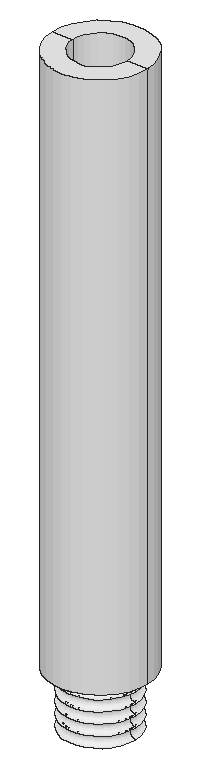
Revit family "Showerhead_Arm_Extension-American_Standard-9035888_Series", category Plumbing Fixtures, Revit 2019
Family settings
  Round Connector Dimension = Use Diameter
  Part Type = Normal
  OmniClass Number = 23.45.05.14.17
  OmniClass Title = Showers
  Work Plane-Based = Yes
  Always vertical = No
  Cut with Voids When Loaded = No
  Shared = Yes
  Room Calculation Point = No
Parameters (values of type "9035888.002")
  Waste Connection = no
  WFU = 4  # constant formula
  Vent Connection = no
  URL = "https://www.americanstandard-us.com/"
  Tempered Water Connection Outlet Radius = Tempered Water Connection Outlet Diameter / 2  # 1/4"
  Tempered Water Connection Outlet Diameter = 1/2"
  Tempered Water Connection Inlet Radius = Tempered Water Connection Inlet Diameter / 2  # 1/4"
  Tempered Water Connection Inlet Diameter = 1/2"
  Tempered Water Connection = yes
  Product Page URL = "https://www.americanstandard-us.com/Hand-Showers-and-Accessories/Spectra-Versa-5-Inch-Showerhead-Arm-Extension/CHROME-9035888002"
  Product Documentation Link = "https://americanstandard.box.com/shared/static/ysgolvh14wirc8yarxq5e5vok502rznc.pdf"
  Price = "Prices may vary. Please consult Manufacturer Representative for most up-to-date price list."  # constant formula
  Model = "9035888.002"
  Material = "Metal-American Standard-002-Polished Chrome"
  Manufacturer = "American Standard"  # constant formula
  Height = 5 1/16"
  HWFU = 3  # constant formula
  HW Connection = no
  Finish = Metal-American Standard-002-Polished Chrome
  Diameter = 7/8"  # constant formula
  Description = "Spectra Versa® 5-Inch Showerhead Arm Extension"
  Default Elevation = 0"
  Creation Date = "03/01/2022"  # constant formula
  CWFU = 3  # constant formula
  CW Connection = no
  Assembly Code = "D2010710"
Types (4): name | Product Page URL | Model | Material | Finish
  (no name) | "https://www.americanstandard-us.com/Hand-Showers-and-Accessories/Spectra-Versa-5-Inch-Showerhead-Arm-Extension/CHROME-9035888002" | "9035888.002" | "Metal-American Standard-002-Polished Chrome" | Metal-American Standard-002-Polished Chrome
  9035888.002 | "https://www.americanstandard-us.com/Hand-Showers-and-Accessories/Spectra-Versa-5-Inch-Showerhead-Arm-Extension/CHROME-9035888002" | "9035888.002" | "Metal-American Standard-002-Polished Chrome" | Metal-American Standard-002-Polished Chrome
  9035888.278 | "https://www.americanstandard-us.com/Hand-Showers-and-Accessories/Spectra-Versa-5-Inch-Showerhead-Arm-Extension/LEGACY-BRONZE-9035888278" | "9035888.278" | "Metal-American Standard-278-Legacy Bronze" | Metal-American Standard-278-Legacy Bronze
  9035888.295 | "https://www.americanstandard-us.com/Hand-Showers-and-Accessories/Spectra-Versa-5-Inch-Showerhead-Arm-Extension/BRUSHED-NICKEL-9035888295" | "9035888.295" | "Metal-American Standard-295-Brushed Nickel" | Metal-American Standard-295-Brushed Nickel
Reference planes (in)
  plane 1 "Center (Front/Back)": y = 0
  plane 2: z = 0
  plane 3 "Center (Left/Right)": x = 0
  plane 4: x = 0.25
  plane 5: x = -0.25
  plane 6: x = 0.4375
  plane 7: x = -0.4375
  plane 8: z = -5.5625
  plane 9: z = -5.0625
Forms (in)
  Revolve 1, solid, material "Metal-American Standard-002-Polished Chrome" <- "Finish"
    sketch origin (0, 0, 0) x (1, 0, 0) y (0, 0, 1)
      loop
        line (0.25, 0) -> (0.25, -5.5625) -> (0.32571, -5.5625)
        arc (0.32571, -5.5625) -> (0.27571, -5.5125) -> (0.32571, -5.4625) r 0.05
        arc (0.32571, -5.4625) -> (0.27571, -5.4125) -> (0.32571, -5.3625) r 0.05
        arc (0.32571, -5.3625) -> (0.27571, -5.3125) -> (0.32571, -5.2625) r 0.05
        arc (0.32571, -5.2625) -> (0.27571, -5.2125) -> (0.32571, -5.1625) r 0.05
        arc (0.32571, -5.1625) -> (0.27571, -5.1125) -> (0.32571, -5.0625) r 0.05
        line (0.32571, -5.0625) -> (0.4375, -5.0625) -> (0.4375, 0) -> (0.25, 0)
      axis (0, 0) -> (0, -5.5625)
    angle from 0 to 360
Lines and regions (in)
  Masking region 1
    outline origin (0, 0, 0) x (1, 0, 0) y (0, 1, 0)
      loop
        circle (0, 0) r 0.4375
  symbolic lines, detail levels medium+fine
    curve 1: circle (0, 0, 0) r 0.25 normal (0, 0, 1)
Dimensions and locks (in)
  "Diameter": plane 6 to plane 7
  locked: plane 9 to plane 8 at 0.5
  "Height": level to plane 9
  aligned and locked: Revolve 1 sketch curve to plane 6
  aligned and locked: plane 4 to Revolve 1 sketch curve
  aligned and locked: plane 9 to Revolve 1 sketch curve
  aligned and locked: Masking region 1 sketch curve to Revolve 1
  aligned and locked: curve 1 to Revolve 1
Automatic sketch dimensions
  Revolve 1 sketch curve to plane 3 "Center (Left/Right)" = 0"
  Revolve 1 sketch curve to plane 8 = 0"
  Revolve 1 sketch curve to level = 0"
  Revolve 1 sketch curve to Revolve 1 sketch curve = 0.05"  (x2)
  Revolve 1 sketch curve to Revolve 1 sketch curve = 0.1"  (x2)
  Revolve 1 sketch curve to plane 9 = 0.05"
  Revolve 1 sketch curve to Revolve 1 sketch curve = 0"  (x5)
  level to Revolve 1 sketch curve = 0.33886"
  Revolve 1 sketch curve to Revolve 1 sketch curve = 0.41114"
  plane 4 to Revolve 1 sketch curve = 0.07571"
  Revolve 1 sketch curve to Revolve 1 sketch curve = 0.07571"
Connectors (in)
  piping at (0, 0, -5.5625), diameter 0.5, driven by "Tempered Water Connection Inlet Diameter"
    settings: on Revolve 1, index 2, connector inside diameter 24", connector length 0", flow factor 0, pipe flow 0 GPM, pressure drop 0.00 psi, fitting loss kfactor 0, connector angle 0.00°, fixture units 0, engagement length 0", angle of deflection 0.00°, flow configuration 0, flow direction 1, fitting loss method 0, system type 29, joint type 0, gender type 0, connector reference index -1, connector utility 0, adjustable connector no, is connector primary yes, connector description "1/2\" Inlet Supply Connection"
  piping at (0, 0, 0), diameter 0.5, driven by "Tempered Water Connection Outlet Diameter"
    settings: on Revolve 1, index 3, connector inside diameter 24", connector length 0", flow factor 0, pipe flow 0 GPM, pressure drop 0.00 psi, fitting loss kfactor 0, connector angle 0.00°, fixture units 0, engagement length 0", angle of deflection 0.00°, flow configuration 0, flow direction 2, fitting loss method 0, system type 29, joint type 0, gender type 0, connector reference index -1, connector utility 0, adjustable connector no, is connector primary no, connector description "1/2\" Outlet Supply Connection"
